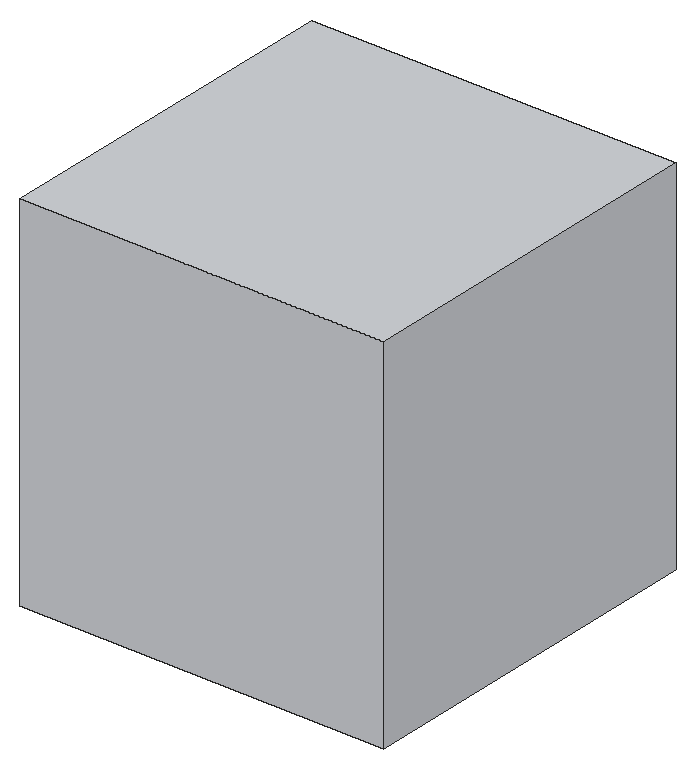
Revit family "MaterialInstance", category Generic Models, Revit 2019
Family settings
  Can host rebar = No
  Round Connector Dimension = Use Diameter
  Part Type = Normal
  Work Plane-Based = No
  Always vertical = Yes
  Cut with Voids When Loaded = No
  Shared = No
  Room Calculation Point = No
Parameters (values of type "Automatic Type")
  MaterialInstance [instance] = none
Reference planes (in)
  plane 1 "Center (Front/Back)": y = 0
  plane 2: z = 0
  plane 3 "Center (Left/Right)": x = 0
Forms (in)
  Extrusion 1, solid, material <- "MaterialInstance"
    sketch origin (0, 0, 0) x (1, 0, 0) y (0, 1, 0)
      loop
        line (0, 0) -> (0.25, 0) -> (0.25, 0.25) -> (0, 0.25) -> (0, 0)
    from 0 to 0.25
Dimensions and locks (in)
  aligned and locked: plane 2 to level
